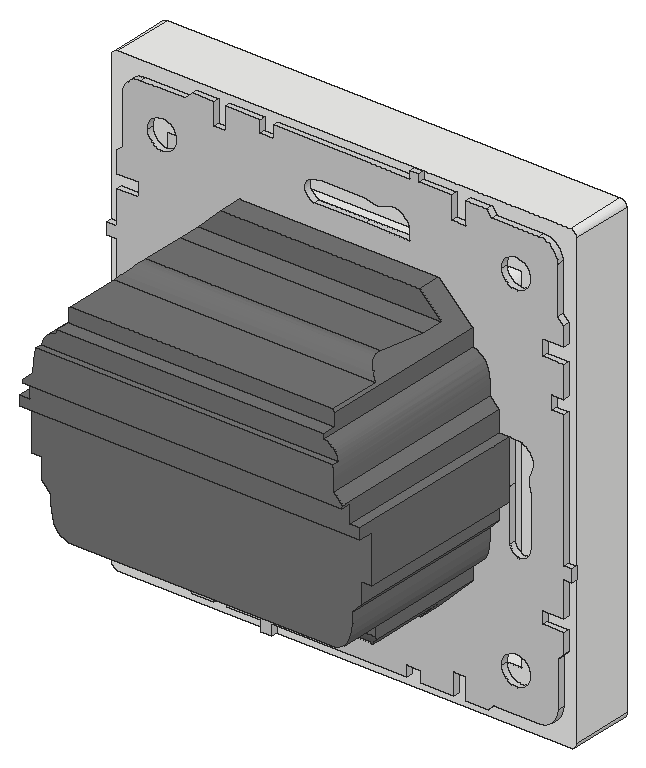
Revit family "IEK_L4_Розетка_BRITE_1мест_(РЭК)_Скрытый", category Электрические приборы, Revit 2019
Family settings
  Сохранять ориентацию аннотаций = Нет
  Размер круглого соединителя = Использовать диаметр
  Тип детали = Нормальный
  На основе рабочей плоскости = Нет
  Всегда вертикально = Да
  При загрузке вырезать с полостями = Нет
  Общий = Нет
  Точка расчета площади = Нет
Parameters
  ЭУИ (Выбор) [instance] = ⚠_IEK_Розетка_Встраиваемая_BRITE_1мест : Розетка_Зазем_ЗШ_16А_IP20_РС14-1-0-БрБ_Белый
  УГО_Смещение по оси Y [instance] = 1100 mm
  УГО_Смещение по оси X [instance] = 1000 mm
  УГО_Внешний вид [instance] = УГО розетка встраиваемая : Одногнездовая
  Рамка (Выбор) [instance] = ⚠_IEK_Рамка_Встраиваемая_BRITE_1мест : Рамка_IP20_РУ-1-БрБ_Белый
  Подрозетник (учет в спецификации) [instance] = yes
  Монтажная глубина ниши = 40 mm
  Крышка подрозетника [instance] = no
  Коробка (Выбор) [instance] = ⚠_IEK_Коробка_Встраиваемая_1мест : Коробка_распаячная_КМ41004_(d80x40)_IP20_Для твердых стен_Белый
  Изготовитель = "IEK"  # constant formula
  Видимость подрозетника [instance] = no
  Видимость в масштабе [instance] = not(Видимость УГО)  # no
  Видимость УГО [instance] = yes
  URL = "https://www.iek.ru/"
  IEK_Разработчик = "sozutovvd@iek.ru"  # constant formula
  ADSK_Ток [instance] = ADSK_Номинальная мощность / (if(ADSK_Количество фаз = 3, (sqrt(3) * ADSK_Напряжение), ADSK_Напряжение) * ADSK_Коэффициент мощности * ADSK_КПД)  # 0.2746 A
  ADSK_Размер_Ширина = 74.4 mm
  ADSK_Размер_Диаметр [instance] = 20 mm
  ADSK_Размер_Глубина = 43 mm
  ADSK_Размер_Высота = 74.4 mm
  ADSK_Пусковой ток [instance] = ADSK_Ток * ADSK_Кратность пускового тока  # 0.2746 A
  ADSK_Примечание [instance] = ""
  ADSK_Полная мощность [instance] = ADSK_Номинальная мощность / ADSK_Коэффициент мощности / ADSK_КПД  # 63.1579 VA
  ADSK_Номинальная мощность [instance] = 60 W
  ADSK_Напряжение = 230 V
  ADSK_Наименование краткое [instance] = "ЭУИ"
  ADSK_Наименование = "Неспецифицируемый"
  ADSK_Кратность пускового тока [instance] = 1
  ADSK_Коэффициент мощности [instance] = 0.95
  ADSK_Количество фаз [instance] = 1
  ADSK_Классификация нагрузок [instance] = Розетка однофазная
  ADSK_КПД [instance] = 1
  ADSK_Версия семейства = "07.11.23"  # constant formula
  ADSK_Версия Revit = "v2019"  # constant formula
  ADSK_URL страницы изделия = "https://www.iek.ru/products/catalog/izdeliya_elektroustanovochnye_udliniteli_i_silovye_razemy/elektroustanovochnye_izdeliya/elektroustanovochnye_izdeliya_skrytogo_montazha/elektroustanovochnye_izdeliya_brite/?page=2"
Reference planes
  plane 1 "По центру (Вперед/Назад)": y = 0
  plane 2: z = 0
  plane 3 "По центру (Влево/Вправо)": x = 0
  plane 4: x = 37.2
  plane 5: x = -37.2
  plane 6: z = 37.2
  plane 7: z = -37.2
  plane 8: x = 27.2
  plane 9: x = -27.2
  plane 10: z = 27.2
  plane 11: z = -27.2
  plane 12 "Дно розетки": y = -9.913
  plane 13: y = -43
  plane 14: z = 20
  plane 15: z = -20
  plane 16: y = -10.913
  plane 17: x = -1000
  plane 18: y = -1000
Lines and regions (mm)
  reference lines
    curve 1: line (0, 600, 0) -> (0, 100, 0)
    curve 2: line (250, 100, 0) -> (-250, 100, 0)
  reference lines, not visible
    curve 3: line (-263.899, 336.096, 0) -> (-263.899, -163.904, 0)
    curve 4: line (-13.899, -163.904, 0) -> (-513.899, -163.904, 0)
  symbolic lines, detail levels fine
    curve 5: line (-37.2, 0, 0) -> (-37.2, -9.913, 0)
    curve 6: line (-37.2, 0, 0) -> (37.2, 0, 0)
    curve 7: line (37.2, 0, 0) -> (37.2, -9.913, 0)
    curve 8: line (-27.2, -9.913, 0) -> (-27.2, -49.913, 0)
    curve 9: line (27.2, -49.913, 0) -> (-27.2, -49.913, 0)
    curve 10: line (27.2, -49.913, 0) -> (27.2, -9.913, 0)
    curve 11: line (-37.2, -9.913, 0) -> (37.2, -9.913, 0)
  symbolic lines
    curve 12: line (37.2, 0, 37.2) -> (-37.2, 0, 37.2)
    curve 13: line (37.2, 0, -37.2) -> (37.2, 0, 37.2)
    curve 14: line (-37.2, 0, -37.2) -> (37.2, 0, -37.2)
    curve 15: line (-37.2, 0, 37.2) -> (-37.2, 0, -37.2)
    curve 16: line (27.2, 0, 27.2) -> (-27.2, 0, 27.2)
    curve 17: line (27.2, 0, -27.2) -> (27.2, 0, 27.2)
    curve 18: line (-27.2, 0, -27.2) -> (27.2, 0, -27.2)
    curve 19: line (-27.2, 0, 27.2) -> (-27.2, 0, -27.2)
    curve 20: line (0, 0, 37.2) -> (0, 0, -37.2)
    curve 21: line (0, 0, -37.2) -> (0, -9.913, -37.2)
    curve 22: line (0, -9.913, -37.2) -> (0, -9.913, 37.2)
    curve 23: line (0, -9.913, 37.2) -> (0, 0, 37.2)
    curve 24: line (0, -9.913, -27.2) -> (0, -43, -27.2)
    curve 25: line (0, -43, -27.2) -> (0, -43, 27.2)
    curve 26: line (0, -43, 27.2) -> (0, -9.913, 27.2)
Dimensions and locks
  "ADSK_Размер_Высота": plane 6 to plane 7
  equal spacing: plane 6, level, plane 7
  equal spacing: plane 5, plane 3 "По центру (Влево/Вправо)", plane 4
  "ADSK_Размер_Ширина": plane 5 to plane 4
  plane 4 to plane 8 = 10 mm
  plane 5 to plane 9 = 10 mm
  locked: plane 6 to plane 10 at 10
  locked: plane 11 to plane 7 at 10
  locked: plane 12 "Дно розетки" to plane 1 "По центру (Вперед/Назад)" at 9.913
  locked: plane 12 "Дно розетки" to plane 16 at 1
  locked: plane 5 to plane 9 at 10
  locked: plane 8 to plane 4 at 10
  "ADSK_Размер_Глубина": plane 13 to plane 1 "По центру (Вперед/Назад)"
  "УГО_Смещение по оси Y": plane 18 to curve 2
  "УГО_Смещение по оси X": plane 17 to curve 1
  "Монтажная глубина ниши": plane 12 "Дно розетки" to curve 9
  aligned and locked: level to plane 2
  aligned and locked: plane 3 "По центру (Влево/Вправо)" to nested 1
  aligned and locked: plane 3 "По центру (Влево/Вправо)" to nested 2
  aligned and locked: plane 1 "По центру (Вперед/Назад)" to nested 2
  aligned and locked: plane 3 "По центру (Влево/Вправо)" to nested 3
  aligned and locked: nested 3 to plane 16
  aligned and locked: nested 4 to curve 2
  aligned and locked: nested 4 to curve 1
  aligned and locked: nested 5 to curve 4
  aligned and locked: nested 5 to curve 3
  aligned and locked: curve 12 to nested 1
  aligned and locked: curve 13 to nested 1
  aligned and locked: curve 14 to nested 1
  aligned and locked: curve 15 to nested 1
  aligned and locked: plane 10 to curve 16
  aligned and locked: plane 8 to curve 17
  aligned and locked: plane 11 to curve 18
  aligned and locked: plane 9 to curve 19
  aligned and locked: plane 1 "По центру (Вперед/Назад)" to curve 20
  aligned and locked: curve 23 to plane 6
  aligned and locked: curve 22 to plane 12 "Дно розетки"
  aligned and locked: curve 21 to plane 7
  aligned and locked: curve 25 to plane 13
  aligned and locked: plane 10 to curve 26
  aligned and locked: plane 12 "Дно розетки" to nested 2
  aligned and locked: curve 24 to plane 11
Automatic sketch dimensions
  curve 2 to curve 1 = 250 mm
  curve 1 to curve 2 = 250 mm
  curve 1 to curve 1 = 500 mm
  curve 4 to curve 3 = 250 mm
  curve 3 to curve 4 = 250 mm
  curve 3 to curve 3 = 500 mm
  curve 5 to plane 5 = 0 mm
  curve 9 to plane 9 = 0 mm
  curve 9 to plane 8 = 0 mm
  plane 1 "По центру (Вперед/Назад)" to curve 7 = 0 mm
  curve 7 to plane 4 = 0 mm
  curve 11 to plane 12 "Дно розетки" = 0 mm
Nested families
  nested 1: "⚠_IEK_Розетка_Встраиваемая_BRITE_1мест" at (0, 0, 0), type <- "ЭУИ (Выбор)", ADSK_Размер_Диаметр <- "ADSK_Размер_Диаметр", Символ в масштабе <- "Видимость в масштабе", type "Розетка_Зазем_ЗШ_16А_IP20_РС14-1-0-БрБ_Белый"
    with Символ в масштабе no, ADSK_Размер_Диаметр 20 mm, ADSK_Примечание ""
  nested 2: "⚠_IEK_Рамка_Встраиваемая_BRITE_1мест" at (0, 0, 0), type <- "Рамка (Выбор)", Символ в масштабе <- "Видимость в масштабе", type "Рамка_IP20_РУ-1-БрБ_Белый"
    with Символ в масштабе no, ADSK_Примечание ""
  nested 3: "⚠_IEK_Коробка_Встраиваемая_1мест" at (0, -10.913, 0), Крышка <- "Крышка подрозетника", visible <- "Подрозетник (учет в спецификации)", type <- "Коробка (Выбор)", Видимость коробки <- "Видимость подрозетника", type "Коробка_распаячная_КМ41004_(d80x40)_IP20_Для твердых стен_Белый"
    with Крышка no, Видимость коробки no, ADSK_Примечание ""
  nested 4: "УГО розетка встраиваемая" at (0, 100, 0), visible <- "Видимость УГО", type <- "УГО_Внешний вид", type "Одногнездовая", detail levels coarse+medium
  nested 5: "УГО розетка встраиваемая" at (-263.899, -163.904, 0), visible <- "Видимость УГО", type <- "УГО_Внешний вид", type "Одногнездовая", not visible, detail levels coarse+medium
Connectors
  electrical at (0, -43, 0), driven by "ADSK_Количество фаз", driven by "ADSK_Классификация нагрузок", driven by "ADSK_Напряжение", driven by "ADSK_Полная мощность", driven by "ADSK_Коэффициент мощности"
    settings: on nested 1, index 1, voltage 230 V, apparent load 63.1579 VA, apparent load phase1 0 VA, apparent load phase2 0 VA, apparent load phase3 0 VA, power factor 0.95, load classification "Розетка однофазная", number of poles 1, system type 30, power factor state 1, is connector primary yes, connector utility no, sub classification motor no, connector description ""
  cabletrayconduit at (0, -26.957, 20), diameter 20, driven by "ADSK_Размер_Диаметр"
    settings: on nested 1, index 2, connector width 300 mm, connector height 300 mm, connector angle 0.00°, system type 32, placement type 0, profile type 0, connector reference index -1, is primary connector yes, connector utility param no, connector description ""
  cabletrayconduit at (17.2, -26.957, 0), diameter 20, driven by "ADSK_Размер_Диаметр"
    settings: on nested 1, index 3, connector width 300 mm, connector height 300 mm, connector angle 0.00°, system type 32, placement type 0, profile type 0, connector reference index -1, is primary connector no, connector utility param no, connector description ""
  cabletrayconduit at (-17.2, -26.957, 0), diameter 20, driven by "ADSK_Размер_Диаметр"
    settings: on nested 1, index 4, connector width 300 mm, connector height 300 mm, connector angle 0.00°, system type 32, placement type 0, profile type 0, connector reference index -1, is primary connector no, connector utility param no, connector description ""
  cabletrayconduit at (0, -26.957, -20), diameter 20, driven by "ADSK_Размер_Диаметр"
    settings: on nested 1, index 5, connector width 300 mm, connector height 300 mm, connector angle 0.00°, system type 32, placement type 0, profile type 0, connector reference index -1, is primary connector no, connector utility param no, connector description ""
Definition of nested family "⚠_IEK_Розетка_Встраиваемая_BRITE_1мест"
  Parameters (values of type "Розетка_Зазем_ЗШ_16А_IP20_РС14-1-0-БрБ_Белый")
    Степень защиты IP = "IP20"
    Символ в масштабе [instance] = yes
    Радиус выреза под вилку = 20 mm
    Description = "Серия электроустановочных изделий \"BRITE\" IEK – это гармоничный дизайн и европейский подход, надежность в эксплуатации и привлекательная цена.\r\n\r\nВ линейке \"BRITE\" использованы материалы премиум-класса. Цветовая палитра и широкий ассортимент позволяют решить все задачи при строительстве и ремонте жилой и коммерческой недвижимости, выполнить современные интерьеры в едином стиле."
    Материал_Дополнительный = none
    Кол-во постов = 1
    Климатическое исполнение = "УХЛ3"
    Manufacturer = "IEK"  # constant formula
    Защитная шторка = yes
    URL = "https://www.iek.ru/"
    IEK_Разработчик = "sozutovvd@iek.ru"  # constant formula
    ADSK_Размер_Ширина = 74.4 mm
    ADSK_Размер_Диаметр [instance] = 20 mm
    ADSK_Размер_Высота = 74.4 mm
    ADSK_Примечание [instance] = ""
    ADSK_Обозначение = ""
    ADSK_Наименование краткое = "Розетка 1-местная с зазем с зш 16A PC14-1-0-БрБ белый"
    ADSK_Наименование = "BRITE Розетка 1-местная с заземлением с защитными шторками 16А РС14-1-0-БрБ белый IEK"
    ADSK_Материал наименование = ""
    ADSK_Материал = none
    ADSK_Масса = 0.084
    ADSK_Марка = "BRITE"
    ADSK_Количество = 1  # constant formula
    ADSK_Код изделия = "BR-R14-16-K01"
    ADSK_Завод-изготовитель = "iek.ru"  # constant formula
    ADSK_Единица измерения = "шт."  # constant formula
    ADSK_Группирование = "IEK_Электроустановочные изделия низковольтные"  # constant formula
    ADSK_Версия семейства = "11.07.23"  # constant formula
    ADSK_Версия Revit = "v2019"  # constant formula
    ADSK_URL страницы изделия = "https://www.iek.ru/products/catalog/izdeliya_elektroustanovochnye_udliniteli_i_silovye_razemy/elektroustanovochnye_izdeliya/elektroustanovochnye_izdeliya_skrytogo_montazha/elektroustanovochnye_izdeliya_brite/elektroustanovochnye_izdeliya_brite_tsvet_belyy/brite_rozetka_1_mestnaya_s_zazemleniem_s_zashchitnymi_shtorkami_16a_rs14_1_0_brb_belyy_iek"
  Types (7, lengths in mm): name | Защитная шторка | ADSK_Наименование краткое | ADSK_Наименование | ADSK_Масса | ADSK_Код изделия | ADSK_URL страницы изделия
    (no name) | yes | "Розетка 1-местная с зазем с зш 16A PC14-1-0-БрБ белый" | "BRITE Розетка 1-местная с заземлением с защитными шторками 16А РС14-1-0-БрБ белый IEK" | 0.084 | "BR-R14-16-K01" | "https://www.iek.ru/products/catalog/izdeliya_elektroustanovochnye_udliniteli_i_silovye_razemy/elektroustanovochnye_izdeliya/elektroustanovochnye_izdeliya_skrytogo_montazha/elektroustanovochnye_izdeliya_brite/elektroustanovochnye_izdeliya_brite_tsvet_belyy/brite_rozetka_1_mestnaya_s_zazemleniem_s_zashchitnymi_shtorkami_16a_rs14_1_0_brb_belyy_iek"
    Розетка_Зазем_ЗШ_16А_IP20_РС14-1-0-БрБ_Белый | yes | "Розетка 1-местная с зазем с зш 16A PC14-1-0-БрБ белый" | "BRITE Розетка 1-местная с заземлением с защитными шторками 16А РС14-1-0-БрБ белый IEK" | 0.084 | "BR-R14-16-K01" | "https://www.iek.ru/products/catalog/izdeliya_elektroustanovochnye_udliniteli_i_silovye_razemy/elektroustanovochnye_izdeliya/elektroustanovochnye_izdeliya_skrytogo_montazha/elektroustanovochnye_izdeliya_brite/elektroustanovochnye_izdeliya_brite_tsvet_belyy/brite_rozetka_1_mestnaya_s_zazemleniem_s_zashchitnymi_shtorkami_16a_rs14_1_0_brb_belyy_iek"
    Розетка_Зазем_Без-ЗШ_16А_IP20_РС11-1-0-БрБ_Белый | no | "Розетка 1-местная с зазем без зш 16А РС11-1-0-БрБ белый" | "BRITE Розетка 1-местная с заземлением без защитных шторок 16А РС11-1-0-БрБ белый IEK" | 0.083 | "BR-R11-16-K01" | "https://www.iek.ru/products/catalog/izdeliya_elektroustanovochnye_udliniteli_i_silovye_razemy/elektroustanovochnye_izdeliya/elektroustanovochnye_izdeliya_skrytogo_montazha/elektroustanovochnye_izdeliya_brite/elektroustanovochnye_izdeliya_brite_tsvet_belyy/brite_rozetka_1_mestnaya_s_zazemleniem_bez_zashchitnykh_shtorok_16a_rs11_1_0_brb_belyy_iek"
    Розетка_Зазем_ЗШ_16А_IP20_РС14-1-0-БрЧ_Черный | yes | "Розетка 1-местная с зазем с зш 16A РС14-1-0-БрЧ черный" | "BRITE Розетка 1-местная с заземлением с защитными шторками 16А РС14-1-0-БрЧ черный IEK" | 0.084 | "BR-R14-16-K02" | "https://www.iek.ru/products/catalog/izdeliya_elektroustanovochnye_udliniteli_i_silovye_razemy/elektroustanovochnye_izdeliya/elektroustanovochnye_izdeliya_skrytogo_montazha/elektroustanovochnye_izdeliya_brite/elektroustanovochnye_izdeliya_brite_tsvet_chernyy/brite_rozetka_1_mestnaya_s_zazemleniem_s_zashchitnymi_shtorkami_16a_rs14_1_0_brch_chernyy_iek"
    Розетка_Зазем_ЗШ_16А_IP20_РС14-1-0-БрКр_Бежевый | yes | "Розетка 1-местная с зазем с зш 16А РС14-1-0-БрКр бежевый" | "BRITE Розетка 1-местная с заземлением с защитными шторками 16А РС14-1-0-БрКр бежевый IEK" | 0.084 | "BR-R14-16-K10" | "https://www.iek.ru/products/catalog/izdeliya_elektroustanovochnye_udliniteli_i_silovye_razemy/elektroustanovochnye_izdeliya/elektroustanovochnye_izdeliya_skrytogo_montazha/elektroustanovochnye_izdeliya_brite/elektroustanovochnye_izdeliya_brite_tsvet_bezhevyy/brite_rozetka_1_mestnaya_s_zazemleniem_s_zashchitnymi_shtorkami_16a_rs14_1_0_brkr_bezhevyy_iek"
    Розетка_Зазем_ЗШ_16А_IP20_РС14-1-0-БрМ_Маренго | yes | "Розетка 1-местная с зазем с зш РС14-1-0-БрМ маренго" | "BRITE Розетка 1-местная с заземлением с защитными шторками 16А РС14-1-0-БрМ маренго IEK" | 0.084 | "BR-R14-16-K35" | "https://www.iek.ru/products/catalog/izdeliya_elektroustanovochnye_udliniteli_i_silovye_razemy/elektroustanovochnye_izdeliya/elektroustanovochnye_izdeliya_skrytogo_montazha/elektroustanovochnye_izdeliya_brite/elektroustanovochnye_izdeliya_brite_tsvet_marengo/brite_rozetka_1_mestnaya_s_zazemleniem_s_zashchitnymi_shtorkami_16a_rs14_1_0_brm_marengo_iek"
    Розетка_Зазем_ЗШ_16А_IP20_РС14-1-0-БрС_Сталь | yes | "Розетка 1-местная с зазем с зш РС14-1-0-БрС сталь" | "BRITE Розетка 1-местная с заземлением с защитными шторками 16А РС14-1-0-БрС сталь IEK" | 0.084 | "BR-R14-16-K46" | "https://www.iek.ru/products/catalog/izdeliya_elektroustanovochnye_udliniteli_i_silovye_razemy/elektroustanovochnye_izdeliya/elektroustanovochnye_izdeliya_skrytogo_montazha/elektroustanovochnye_izdeliya_brite/elektroustanovochnye_izdeliya_brite_tsvet_stal/brite_rozetka_1_mestnaya_s_zazemleniem_s_zashchitnymi_shtorkami_16a_rs14_1_0_brs_stal_iek"
  Reference planes
    plane 1 "По центру (Вперед/Назад)": y = 0
    plane 2: z = 0
    plane 3 "По центру (Влево/Вправо)": x = 0
    plane 4: y = 10
    plane 5: x = 37.2
    plane 6: x = -37.2
    plane 7: y = -100
    plane 8: z = 37.2
    plane 9: z = -37.2
    plane 10: x = 27.2
    plane 11: x = -27.2
    plane 12: z = 27.2
    plane 13: z = -27.2
    plane 14 "Дно внешн части": y = -9.913
    plane 15: y = -43
    plane 16: z = 20
    plane 17: z = -20
    plane 18: x = 17.2
    plane 19: x = -17.2
    plane 20: y = -10.913
    plane 21: y = -11.913
  Forms (mm)
    Extrusion 1, solid, material <- "ADSK_Материал", detail levels medium
      sketch origin (0, 0, 0) x (1, 0, 0) y (0, 0, 1)
        loop
          line (-27.2, 27.2) -> (-27.2, -27.2) -> (27.2, -27.2) -> (27.2, 27.2) -> (-27.2, 27.2)
      from 0 to 9.913
    Extrusion 2, solid, material <- "Материал_Дополнительный", detail levels coarse+medium
      sketch origin (0, 0, 0) x (0, 1, 0) y (0, 0, 1)
        loop
          line (-43, 20) -> (-43, -20) -> (-10.913, -20) -> (-10.913, 20) -> (-43, 20)
      from -17.2 to 17.2
    Extrusion 3, void, detail levels medium
      sketch origin (0, 0, 0) x (1, 0, 0) y (0, 0, 1)
        loop
          circle (0, 0) r 20
      from 0 to 9.913
    Extrusion 4, solid, material <- "Материал_Дополнительный", detail levels medium
      sketch origin (0, 0, 0) x (1, 0, 0) y (0, 0, 1)
        loop
          line (-37.2, 37.2) -> (-37.2, -37.2) -> (37.2, -37.2) -> (37.2, 37.2) -> (-37.2, 37.2)
      from 9.913 to 10.913
    Extrusion 5, solid, material <- "ADSK_Материал", detail levels coarse
      sketch origin (0, 0, 0) x (1, 0, 0) y (0, 0, 1)
        loop
          line (-27.2, 27.2) -> (-27.2, -27.2) -> (27.2, -27.2) -> (27.2, 27.2) -> (-27.2, 27.2)
      from 0 to 9.913
    Extrusion 6, void
      sketch origin (0, 0, 0) x (1, 0, 0) y (0, 0, 1)
        loop
          circle (-9.453, 0) r 3.022
        loop
          circle (9.453, 0) r 3.022
      from 9.913 to 14.843
    Extrusion 7, solid, material <- "Материал_Дополнительный", detail levels fine
      sketch origin (0, 0, 0) x (1, 0, 0) y (0, 0, 1)
        loop
          line (-37.2, 37.2) -> (-37.2, -37.2) -> (37.2, -37.2) -> (37.2, 37.2) -> (-37.2, 37.2)
      from 9.913 to 10.913
    Extrusion 8, void
      sketch origin (0, 0, 0) x (1, 0, 0) y (0, 0, 1)
        loop
          line (-31.683, 35.006) -> (-24.557, 35.006) -> (-23.495, 36.067) -> (-20.008, 36.067) -> (-20.008, 32.58) -> (-18.239, 32.58) -> (-18.239, 36.067) -> (-12.788, 36.067) -> (-12.788, 34.099) -> (-10.537, 34.099) -> (-10.537, 36.067) -> (11.258, 36.067) -> (11.258, 37.2) -> (-37.2, 37.2) -> (-37.2, 12.83) -> (-35.521, 12.83) -> (-35.521, 18.147) -> (-32.118, 18.147) -> (-32.118, 20.341) -> (-35.521, 20.341) -> (-35.521, 23.664) -> (-34.683, 24.501) -> (-34.683, 32.006)
          arc (-34.683, 32.006) -> (-33.804, 34.127) -> (-31.683, 35.006) r 3
        loop
          line (12.691, 37.2) -> (12.691, 36.067) -> (17.943, 36.067) -> (17.943, 32.497) -> (20.28, 32.497) -> (20.28, 36.067) -> (23.597, 36.067) -> (24.333, 35.015) -> (31.946, 35.015)
          arc (31.946, 35.015) -> (34.04, 34.148) -> (34.908, 32.054) r 2.961
          line (34.908, 32.054) -> (34.908, 24.612) -> (35.896, 23.623) -> (35.896, 20.525) -> (32.49, 20.525) -> (32.49, 18.064) -> (35.896, 18.064) -> (35.896, 13.064) -> (33.941, 13.064) -> (33.941, 10.856) -> (35.896, 10.856) -> (35.896, -10.811) -> (37.2, -10.811) -> (37.2, 37.2) -> (12.691, 37.2)
        loop
          line (37.2, -12.789) -> (35.896, -12.789) -> (35.896, -18.357) -> (32.494, -18.357) -> (32.494, -20.356) -> (35.896, -20.356) -> (35.896, -23.561) -> (35.021, -24.436) -> (35.021, -31.761)
          arc (35.021, -31.761) -> (34.149, -33.866) -> (32.043, -34.738) r 2.978
          line (32.043, -34.738) -> (24.719, -34.738) -> (23.897, -35.56) -> (20.286, -35.56) -> (20.286, -32.109) -> (18.326, -32.109) -> (18.326, -35.56) -> (13.05, -35.56) -> (13.05, -33.809) -> (10.788, -33.809) -> (10.788, -35.56) -> (-10.804, -35.56) -> (-10.804, -37.2) -> (37.2, -37.2) -> (37.2, -12.789)
        loop
          line (-12.509, -37.2) -> (-12.509, -35.56) -> (-18, -35.56) -> (-18, -32.358) -> (-20.08, -32.358) -> (-20.08, -35.56) -> (-23.414, -35.56) -> (-24.331, -34.643) -> (-31.577, -34.643)
          arc (-31.577, -34.643) -> (-33.721, -33.754) -> (-34.61, -31.61) r 3.033
          line (-34.61, -31.61) -> (-34.61, -24.364) -> (-35.521, -23.453) -> (-35.521, -20.298) -> (-32.26, -20.298) -> (-32.26, -18.034) -> (-35.521, -18.034) -> (-35.521, -12.648) -> (-33.83, -12.648) -> (-33.83, -10.583) -> (-35.521, -10.583) -> (-35.521, 10.936) -> (-37.2, 10.936) -> (-37.2, -37.2) -> (-12.509, -37.2)
      from 9.913 to 10.913
    Extrusion 9, solid, material <- "ADSK_Материал", detail levels fine
      sketch origin (0, 0, 0) x (1, 0, 0) y (0, 0, 1)
        loop
          arc (-25.172, 27.2) -> (-26.606, 26.606) -> (-27.2, 25.172) r 2.028
          line (-27.2, 25.172) -> (-27.2, -25.224)
          arc (-27.2, -25.224) -> (-26.621, -26.621) -> (-25.224, -27.2) r 1.976
          line (-25.224, -27.2) -> (25.215, -27.2)
          arc (25.215, -27.2) -> (26.619, -26.619) -> (27.2, -25.215) r 1.985
          line (27.2, -25.215) -> (27.2, 25.208)
          arc (27.2, 25.208) -> (26.616, 26.616) -> (25.208, 27.2) r 1.992
          line (25.208, 27.2) -> (-25.172, 27.2)
      from 0 to 9.913
    Extrusion 10, solid, material <- "ADSK_Материал", detail levels fine
      sketch origin (0, 0, 0) x (1, 0, 0) y (0, 0, 1)
        loop
          circle (0, 0) r 21.291
        loop
          circle (0, 0) r 20
      from -0.781 to 0
    Extrusion 11, void
      sketch origin (0, 0, 0) x (1, 0, 0) y (0, 0, 1)
        loop
          circle (0, 0) r 20
      from 0 to 9.913
    Extrusion 12, void
      sketch origin (0, 0, 0) x (1, 0, 0) y (0, 0, 1)
        loop
          line (-27.2, 10.827) -> (-29.11, 10.827)
          spline (-29.11, 10.827) -> (-29.893, 10.304) -> (-30.438, 9.801) -> (-30.792, 9.316) -> (-31.001, 8.846) -> (-31.096, 8.385) -> (-31.089, 7.929) -> (-30.99, 7.472) -> (-30.809, 7.006) -> (-30.596, 6.49) -> (-30.455, 5.839) -> (-30.494, 4.961) -> (-30.818, 3.766)
          line (-30.818, 3.766) -> (-30.818, -3.421)
          spline (-30.818, -3.421) -> (-30.704, -4.212) -> (-30.522, -4.822) -> (-30.283, -5.273) -> (-29.996, -5.591) -> (-29.671, -5.799) -> (-29.316, -5.92) -> (-28.942, -5.976) -> (-28.56, -5.952) -> (-28.182, -5.821) -> (-27.822, -5.555) -> (-27.49, -5.124) -> (-27.2, -4.501)
          line (-27.2, -4.501) -> (-27.2, 3.766) -> (-27.2, 10.827)
        loop
          line (27.2, 4.619) -> (27.2, -2.442) -> (27.2, -10.709)
          spline (27.2, -10.709) -> (27.49, -11.332) -> (27.822, -11.763) -> (28.182, -12.029) -> (28.56, -12.16) -> (28.942, -12.184) -> (29.316, -12.128) -> (29.671, -12.007) -> (29.996, -11.799) -> (30.283, -11.482) -> (30.522, -11.03) -> (30.704, -10.42) -> (30.818, -9.629)
          line (30.818, -9.629) -> (30.818, -2.442)
          spline (30.818, -2.442) -> (30.494, -1.247) -> (30.455, -0.369) -> (30.596, 0.282) -> (30.809, 0.798) -> (30.99, 1.264) -> (31.089, 1.721) -> (31.096, 2.177) -> (31.001, 2.638) -> (30.792, 3.108) -> (30.438, 3.593) -> (29.893, 4.095) -> (29.11, 4.619)
          line (29.11, 4.619) -> (27.2, 4.619)
        loop
          line (11.286, 27.2) -> (11.286, 29.11)
          spline (11.286, 29.11) -> (10.762, 29.893) -> (10.26, 30.438) -> (9.775, 30.792) -> (9.305, 31.001) -> (8.844, 31.096) -> (8.388, 31.089) -> (7.931, 30.99) -> (7.464, 30.809) -> (6.949, 30.596) -> (6.297, 30.455) -> (5.419, 30.494) -> (4.225, 30.818)
          line (4.225, 30.818) -> (-2.962, 30.818)
          spline (-2.962, 30.818) -> (-3.753, 30.704) -> (-4.363, 30.522) -> (-4.815, 30.283) -> (-5.132, 29.996) -> (-5.34, 29.671) -> (-5.462, 29.316) -> (-5.517, 28.942) -> (-5.493, 28.56) -> (-5.362, 28.182) -> (-5.096, 27.822) -> (-4.665, 27.49) -> (-4.042, 27.2)
          line (-4.042, 27.2) -> (4.225, 27.2) -> (11.286, 27.2)
        loop
          line (6.227, -27.2) -> (-0.834, -27.2) -> (-9.102, -27.2)
          spline (-9.102, -27.2) -> (-9.724, -27.49) -> (-10.155, -27.822) -> (-10.422, -28.182) -> (-10.553, -28.56) -> (-10.576, -28.942) -> (-10.521, -29.316) -> (-10.399, -29.671) -> (-10.192, -29.996) -> (-9.874, -30.283) -> (-9.422, -30.522) -> (-8.813, -30.704) -> (-8.021, -30.818)
          line (-8.021, -30.818) -> (-0.834, -30.818)
          spline (-0.834, -30.818) -> (0.36, -30.494) -> (1.238, -30.455) -> (1.89, -30.596) -> (2.405, -30.809) -> (2.871, -30.99) -> (3.329, -31.089) -> (3.785, -31.096) -> (4.245, -31.001) -> (4.716, -30.792) -> (5.2, -30.438) -> (5.703, -29.893) -> (6.227, -29.11)
          line (6.227, -29.11) -> (6.227, -27.2)
      from 9.913 to 10.913
    Extrusion 13, void, detail levels fine
      sketch origin (0, 0, 0) x (1, 0, 0) y (0, 0, 1)
        loop
          circle (0, 0) r 3.372
      from 8.858 to 10.281
    Extrusion 14, void, detail levels fine
      sketch origin (0, 0, 0) x (1, 0, 0) y (0, 0, 1)
        loop
          circle (-9.516, 0) r 3.033
        loop
          circle (9.516, 0) r 3.033
      from 8.858 to 14.843
    Extrusion 15, solid, detail levels fine
      sketch origin (0, 0, 0) x (1, 0, 0) y (0, 0, 1)
        loop
          line (14.941, 24.492) -> (-14.941, 24.492) -> (-21.312, 18.121) -> (-21.312, 15.449)
          spline (-21.312, 15.449) -> (-21.829, 15.285) -> (-22.283, 15.082) -> (-22.677, 14.834) -> (-23.014, 14.533) -> (-23.299, 14.174) -> (-23.534, 13.749) -> (-23.723, 13.252) -> (-23.869, 12.675) -> (-23.977, 12.012) -> (-24.05, 11.256) -> (-24.091, 10.4) -> (-24.104, 9.437)
          line (-24.104, 9.437) -> (-25.554, 7.987) -> (-25.554, 4.705) -> (-27.2, 4.705) -> (-27.2, -4.705) -> (-25.554, -4.705) -> (-25.554, -7.987) -> (-24.104, -9.437)
          spline (-24.104, -9.437) -> (-24.091, -10.4) -> (-24.05, -11.256) -> (-23.977, -12.012) -> (-23.869, -12.675) -> (-23.723, -13.252) -> (-23.534, -13.749) -> (-23.299, -14.174) -> (-23.014, -14.533) -> (-22.677, -14.834) -> (-22.283, -15.082) -> (-21.829, -15.285) -> (-21.312, -15.449)
          line (-21.312, -15.449) -> (-21.312, -18.121) -> (-14.941, -24.492) -> (14.941, -24.492) -> (21.312, -18.121) -> (21.312, -15.449)
          spline (21.312, -15.449) -> (21.829, -15.285) -> (22.283, -15.082) -> (22.677, -14.834) -> (23.014, -14.533) -> (23.299, -14.174) -> (23.534, -13.749) -> (23.723, -13.252) -> (23.869, -12.675) -> (23.977, -12.012) -> (24.05, -11.256) -> (24.091, -10.4) -> (24.104, -9.437)
          line (24.104, -9.437) -> (25.554, -7.987) -> (25.554, -4.705) -> (27.2, -4.705) -> (27.2, 4.705) -> (25.554, 4.705) -> (25.554, 7.987) -> (24.104, 9.437)
          spline (24.104, 9.437) -> (24.091, 10.4) -> (24.05, 11.256) -> (23.977, 12.012) -> (23.869, 12.675) -> (23.723, 13.252) -> (23.534, 13.749) -> (23.299, 14.174) -> (23.014, 14.533) -> (22.677, 14.834) -> (22.283, 15.082) -> (21.829, 15.285) -> (21.312, 15.449)
          line (21.312, 15.449) -> (21.312, 18.121) -> (14.941, 24.492)
      from 10.913 to 43
    Extrusion 16, void
      sketch origin (0, 0, 0) x (1, 0, 0) y (0, 1, 0)
        loop
          line (-1.797, -9.913) -> (1.797, -9.913) -> (1.236, -1.899) -> (-1.236, -1.899) -> (-1.797, -9.913)
      from -21.36 to -19.529
    Extrusion 17, void, detail levels fine
      sketch origin (0, 0, 0) x (0, -1, 0) y (1, 0, 0)
        loop
          line (9.913, -1.797) -> (9.913, 1.797) -> (1.899, 1.236) -> (1.899, -1.236) -> (9.913, -1.797)
      from -21.36 to -19.529
    Extrusion 18, void, detail levels fine
      sketch origin (0, 0, 0) x (1, 0, 0) y (0, 1, 0)
        loop
          line (-1.797, -9.913) -> (1.797, -9.913) -> (1.236, -1.899) -> (-1.236, -1.899) -> (-1.797, -9.913)
      from 19.628 to 21.709
    Extrusion 19, void
      sketch origin (0, 0, 0) x (0, 1, 0) y (0, 0, 1)
        loop
          line (-43, 24.501) -> (-43, -24.492) -> (-10.913, -24.492) -> (-10.913, -23.523) -> (-14.456, -23.523) -> (-14.456, -20) -> (-17.872, -19.398) -> (-26.611, -20.626)
          spline (-26.611, -20.626) -> (-27.058, -20.53) -> (-27.48, -20.404) -> (-27.878, -20.248) -> (-28.251, -20.061) -> (-28.599, -19.845) -> (-28.923, -19.599) -> (-29.222, -19.322) -> (-29.497, -19.015) -> (-29.747, -18.679) -> (-29.972, -18.312) -> (-30.173, -17.915) -> (-30.35, -17.488)
          line (-30.35, -17.488) -> (-30.35, -15.449) -> (-38.406, -15.449) -> (-38.406, 3.025) -> (-40.763, 3.025) -> (-40.763, 7.564) -> (-42.286, 7.564) -> (-41.904, 13.034) -> (-40.763, 13.034) -> (-40.763, 16.043) -> (-38.406, 16.043) -> (-38.406, 18.503) -> (-29.724, 18.503)
          spline (-29.724, 18.503) -> (-29.498, 18.914) -> (-29.258, 19.283) -> (-29.004, 19.611) -> (-28.736, 19.897) -> (-28.454, 20.141) -> (-28.158, 20.344) -> (-27.848, 20.505) -> (-27.524, 20.625) -> (-27.186, 20.702) -> (-26.834, 20.738) -> (-26.468, 20.732) -> (-26.088, 20.685)
          line (-26.088, 20.685) -> (-18.258, 20) -> (-14.708, 20) -> (-14.708, 23.571) -> (-10.913, 23.571) -> (-10.913, 24.501) -> (-43, 24.501)
      from -27.2 to 27.2
    Extrusion 20, solid, detail levels fine
      sketch origin (0, 0, 0) x (0, 1, 0) y (0, 0, 1)
        loop
          line (-9.913, -21.36) -> (-3.822, -18.122)
          arc (-3.822, -18.122) -> (-3.438, -18.085) -> (-3.139, -18.331) r 0.505
          line (-3.139, -18.331) -> (-2.745, -19.073) -> (-2.038, -18.697) -> (-2.577, -17.684)
          arc (-2.577, -17.684) -> (-2.932, -17.391) -> (-3.389, -17.435) r 0.6
          line (-3.389, -17.435) -> (-9.913, -20.904) -> (-10.913, -20.904) -> (-9.913, -21.36)
      from -0.993 to 0.962
    Extrusion 21, solid, detail levels fine
      sketch origin (0, 0, 0) x (0, 1, 0) y (0, 0, 1)
        loop
          line (-9.913, 21.36) -> (-10.913, 20.904) -> (-9.913, 20.904) -> (-3.389, 17.435)
          arc (-3.389, 17.435) -> (-2.932, 17.391) -> (-2.577, 17.684) r 0.6
          line (-2.577, 17.684) -> (-2.038, 18.697) -> (-2.745, 19.073) -> (-3.139, 18.331)
          arc (-3.139, 18.331) -> (-3.438, 18.085) -> (-3.822, 18.122) r 0.505
          line (-3.822, 18.122) -> (-9.913, 21.36)
      from -0.993 to 0.962
    Extrusion 22, solid, material <- "ADSK_Материал", detail levels fine
      sketch origin (0, 0, 0) x (1, 0, 0) y (0, 0, 1)
        loop
          line (17.2, 10.206) -> (17.2, 2.772) -> (19.807, 2.772)
          arc (19.807, 2.772) -> (18.873, 6.618) -> (17.2, 10.206) r 20
        loop
          arc (-17.2, 10.206) -> (-18.873, 6.618) -> (-19.807, 2.772) r 20
          line (-19.807, 2.772) -> (-17.2, 2.772) -> (-17.2, 10.206)
        loop
          line (-17.2, -10.206) -> (-17.2, -2.772) -> (-19.807, -2.772)
          arc (-19.807, -2.772) -> (-18.873, -6.618) -> (-17.2, -10.206) r 20
        loop
          arc (17.2, -10.206) -> (18.873, -6.618) -> (19.807, -2.772) r 20
          line (19.807, -2.772) -> (17.2, -2.772) -> (17.2, -10.206)
      from 1.899 to 9.913
    Extrusion 23, void, detail levels fine
      sketch origin (0, 0, 0) x (1, 0, 0) y (0, 0, 1)
        loop
          circle (28.302, 28.434) r 2.369
        loop
          circle (-28.302, 28.434) r 2.369
        loop
          circle (28.302, -28.434) r 2.369
        loop
          circle (-28.302, -28.434) r 2.369
      from 9.913 to 10.913
    Extrusion 24, solid, detail levels fine
      sketch origin (0, 0, 0) x (1, 0, 0) y (0, 0, 1)
        loop
          circle (0, 0) r 3.117
      from 8.858 to 9.913
    Extrusion 25, solid, material <- "ADSK_Материал", visible <- "Защитная шторка", detail levels fine
      sketch origin (0, 0, 0) x (1, 0, 0) y (0, 0, 1)
        loop
          circle (-9.516, 0) r 3.033
        loop
          circle (9.516, 0) r 3.033
      from 9.137 to 9.913
    Extrusion 26, solid, material <- "ADSK_Материал", detail levels medium+fine
      sketch origin (0, 0, 0) x (1, 0, 0) y (0, 0, 1)
        loop
          arc (-19.807, 2.772) -> (-20, 0) -> (-19.807, -2.772) r 20
          line (-19.807, -2.772) -> (-17.2, -2.772) -> (-17.2, -10.206)
          arc (-17.2, -10.206) -> (0, -20) -> (17.2, -10.206) r 20
          line (17.2, -10.206) -> (17.2, -2.772) -> (19.807, -2.772)
          arc (19.807, -2.772) -> (20, 0) -> (19.807, 2.772) r 20
          line (19.807, 2.772) -> (17.2, 2.772) -> (17.2, 10.206)
          arc (17.2, 10.206) -> (0, 20) -> (-17.2, 10.206) r 20
          line (-17.2, 10.206) -> (-17.2, 2.772) -> (-19.807, 2.772)
      from 8.858 to 9.913
    Extrusion 27, void
      sketch origin (0, -9.913, 0) x (0, 0, 1) y (1, 0, 0)
        loop
          line (18.503, 1.797) -> (18.503, -1.797) -> (20.202, -1.797) -> (20.202, 1.797) -> (18.503, 1.797)
      from 0 to 1.055
    Extrusion 28, void, detail levels fine
      sketch origin (0, -9.913, 0) x (0, 0, -1) y (-1, 0, 0)
        loop
          line (18.503, -1.886) -> (20.202, -1.886) -> (20.202, 1.885) -> (18.503, 1.885) -> (18.503, -1.886)
      from 0 to 1.055
  Cuts and joins
    Extrusion 3, Extrusion 17, Extrusion 18 cuts Extrusion 1
    Extrusion 6, Extrusion 17, Extrusion 18, Extrusion 28 cuts Extrusion 4
    Extrusion 6 cuts Extrusion 2
    Extrusion 8, Extrusion 12, Extrusion 13, Extrusion 14, Extrusion 17, Extrusion 18, Extrusion 23, Extrusion 28 cuts Extrusion 7
    Extrusion 11, Extrusion 16, Extrusion 17, Extrusion 18 cuts Extrusion 9
    Extrusion 17, Extrusion 18 cuts Extrusion 10
    joined: Extrusion 9, Extrusion 10, Extrusion 22
    Extrusion 14, Extrusion 19 cuts Extrusion 15
    Extrusion 17, Extrusion 18, Extrusion 28 cuts Extrusion 5
    Extrusion 13, Extrusion 14, Extrusion 27, Extrusion 28 cuts Extrusion 26
  Lines and regions (mm)
    symbolic lines, visible <- "Символ в масштабе", detail levels coarse+medium
      curve 1: line (-27.2, 0, 0) -> (27.2, 0, 0)
      curve 4: line (-27.2, -9.913, 0) -> (-37.2, -9.913, 0)
      curve 7: line (-27.2, -9.913, 0) -> (-27.2, -49.913, 0)
      curve 8: line (-27.2, -49.913, 0) -> (27.2, -49.913, 0)
      curve 9: line (27.2, -49.913, 0) -> (27.2, -9.913, 0)
      curve 12: line (37.2, -9.913, 0) -> (27.2, -9.913, 0)
      curve 13: line (-27.2, -9.913, 0) -> (27.2, -9.913, 0)
    symbolic lines, visible <- "Символ в масштабе"
      curve 2: line (-27.2, -9.913, 0) -> (-27.2, 0, 0)
      curve 3: line (27.2, 0, 0) -> (27.2, -9.913, 0)
      curve 5: line (-37.2, -9.913, 0) -> (-37.2, -10.913, 0)
      curve 6: line (-37.2, -10.913, 0) -> (-27.2, -10.913, 0)
      curve 10: line (27.2, -10.913, 0) -> (37.2, -10.913, 0)
      curve 11: line (37.2, -10.913, 0) -> (37.2, -9.913, 0)
      curve 14: line (-27.2, -10.913, 0) -> (27.2, -10.913, 0)
  Dimensions and locks
    plane 1 "По центру (Вперед/Назад)" to plane 4 = 10 mm
    plane 7 to plane 1 "По центру (Вперед/Назад)" = 100 mm
    "ADSK_Размер_Высота": plane 8 to plane 9
    equal spacing: plane 8, level, plane 9
    equal spacing: plane 6, plane 3 "По центру (Влево/Вправо)", plane 5
    "ADSK_Размер_Ширина": plane 6 to plane 5
    plane 5 to plane 10 = 10 mm
    plane 6 to plane 11 = 10 mm
    plane 8 to plane 12 = 10 mm
    plane 13 to plane 9 = 10 mm
    plane 14 "Дно внешн части" to plane 1 "По центру (Вперед/Назад)" = 9.913 mm
    plane 15 to plane 1 "По центру (Вперед/Назад)" = 43 mm
    plane 11 to plane 19 = 10 mm
    plane 18 to plane 10 = 10 mm
    plane 14 "Дно внешн части" to plane 20 = 1 mm
    locked: plane 20 to plane 21 at 1
    locked: curve 8 to plane 14 "Дно внешн части" at 40
    "Радиус выреза под вилку": radius of Extrusion 3 sketch curve
    "Радиус выреза под вилку": radius of Extrusion 11 sketch curve
    aligned and locked: level to plane 2
    aligned and locked: Extrusion 1 sketch curve to plane 12
    aligned and locked: Extrusion 1 sketch curve to plane 11
    aligned and locked: Extrusion 1 sketch curve to plane 13
    aligned and locked: Extrusion 1 sketch curve to plane 10
    aligned and locked: Extrusion 1 to plane 14 "Дно внешн части"
    aligned and locked: plane 16 to Extrusion 2 sketch curve
    aligned and locked: plane 15 to Extrusion 2 sketch curve
    aligned and locked: plane 17 to Extrusion 2 sketch curve
    aligned and locked: Extrusion 1 to Extrusion 3
    aligned and locked: Extrusion 3 to plane 1 "По центру (Вперед/Назад)"
    aligned and locked: plane 8 to Extrusion 4 sketch curve
    aligned and locked: Extrusion 4 sketch curve to plane 6
    aligned and locked: plane 9 to Extrusion 4 sketch curve
    aligned and locked: Extrusion 4 sketch curve to plane 5
    aligned and locked: plane 14 "Дно внешн части" to Extrusion 4
    aligned and locked: Extrusion 4 to plane 20
    aligned and locked: plane 20 to Extrusion 2
    aligned and locked: Extrusion 5 sketch curve to cut or joined group of Extrusion 1, Extrusion 3, Extrusion 17, Extrusion 18  (x4)
    aligned and locked: Extrusion 5 to plane 1 "По центру (Вперед/Назад)"
    aligned and locked: Extrusion 5 to plane 14 "Дно внешн части"
    aligned and locked: plane 14 "Дно внешн части" to Extrusion 6
    aligned and locked: Extrusion 7 sketch curve to cut or joined group of Extrusion 4, Extrusion 6, Extrusion 17, Extrusion 18, Extrusion 28  (x4)
    aligned and locked: Extrusion 9 sketch curve to plane 12
    aligned and locked: Extrusion 9 sketch curve to plane 11
    aligned and locked: Extrusion 9 sketch curve to plane 13
    aligned and locked: Extrusion 9 sketch curve to plane 10
    aligned and locked: Extrusion 9 to plane 1 "По центру (Вперед/Назад)"
    aligned and locked: Extrusion 9 to plane 14 "Дно внешн части"
    aligned and locked: plane 1 "По центру (Вперед/Назад)" to Extrusion 10
    aligned and locked: Extrusion 11 to plane 1 "По центру (Вперед/Назад)"
    aligned and locked: Extrusion 11 to plane 14 "Дно внешн части"
    aligned and locked: Extrusion 12 sketch curve to plane 11
    aligned and locked: Extrusion 12 sketch curve to plane 12
    aligned and locked: plane 10 to Extrusion 12 sketch curve
    aligned and locked: plane 13 to Extrusion 12 sketch curve
    aligned and locked: plane 14 "Дно внешн части" to Extrusion 12
    aligned and locked: Extrusion 12 to plane 20
    aligned and locked: Extrusion 15 to plane 15
    aligned and locked: Extrusion 16 sketch curve to plane 14 "Дно внешн части"
    aligned and locked: Extrusion 19 sketch curve to plane 15
    aligned and locked: plane 11 to Extrusion 19
    aligned and locked: plane 10 to Extrusion 19
    aligned and locked: plane 14 "Дно внешн части" to Extrusion 23
    aligned and locked: Extrusion 23 to plane 20
    aligned and locked: curve 1 to cut or joined group of Extrusion 1, Extrusion 3, Extrusion 17, Extrusion 18
    aligned and locked: curve 2 to cut or joined group of Extrusion 1, Extrusion 3, Extrusion 17, Extrusion 18
    aligned and locked: curve 3 to cut or joined group of Extrusion 1, Extrusion 3, Extrusion 17, Extrusion 18
    aligned and locked: Extrusion 7 to Extrusion 8
  Automatic sketch dimensions
    Extrusion 2 sketch curve to plane 20 = 0 mm
    Extrusion 6 sketch curve to level = 0 mm  (x2)
    Extrusion 6 sketch curve to plane 19 = 7.747 mm
    Extrusion 6 sketch curve to plane 18 = 7.747 mm
    plane 6 to Extrusion 8 sketch curve = 0 mm  (x2)
    Extrusion 8 sketch curve to plane 9 = 0 mm  (x2)
    Extrusion 8 sketch curve to plane 8 = 0 mm  (x2)
    Extrusion 8 sketch curve to plane 5 = 0 mm  (x2)
    Extrusion 8 sketch curve to plane 6 = 1.679 mm  (x5)
    Extrusion 8 sketch curve to plane 6 = 2.517 mm
    Extrusion 8 sketch curve to Extrusion 8 sketch curve = 0.911 mm  (x2)
    Extrusion 8 sketch curve to Extrusion 8 sketch curve = 1.691 mm
    Extrusion 8 sketch curve to Extrusion 8 sketch curve = 3.261 mm
    Extrusion 8 sketch curve to Extrusion 8 sketch curve = 3.403 mm
    Extrusion 8 sketch curve to Extrusion 8 sketch curve = 3 mm
    Extrusion 8 sketch curve to Extrusion 8 sketch curve = 3.033 mm
    Extrusion 8 sketch curve to plane 11 = 2.643 mm
    Extrusion 8 sketch curve to plane 11 = 2.869 mm
    plane 8 to Extrusion 8 sketch curve = 1.133 mm  (x5)
    Extrusion 8 sketch curve to Extrusion 8 sketch curve = 1.061 mm
    plane 9 to Extrusion 8 sketch curve = 1.64 mm  (x5)
    Extrusion 8 sketch curve to Extrusion 8 sketch curve = 0.917 mm  (x2)
    plane 19 to Extrusion 8 sketch curve = 2.88 mm
    plane 19 to Extrusion 8 sketch curve = 2.808 mm
    plane 19 to Extrusion 8 sketch curve = 1.039 mm
    plane 19 to Extrusion 8 sketch curve = 0.8 mm
    Extrusion 8 sketch curve to plane 19 = 4.412 mm
    Extrusion 8 sketch curve to plane 19 = 4.691 mm
    Extrusion 8 sketch curve to Extrusion 8 sketch curve = 1.705 mm
    Extrusion 8 sketch curve to Extrusion 8 sketch curve = 2.251 mm
    Extrusion 8 sketch curve to plane 18 = 6.412 mm
    Extrusion 8 sketch curve to plane 18 = 5.942 mm
    Extrusion 8 sketch curve to Extrusion 8 sketch curve = 1.433 mm
    Extrusion 8 sketch curve to Extrusion 8 sketch curve = 2.262 mm
    plane 18 to Extrusion 8 sketch curve = 0.743 mm
    plane 18 to Extrusion 8 sketch curve = 1.126 mm
    Extrusion 8 sketch curve to Extrusion 8 sketch curve = 2.337 mm
    Extrusion 8 sketch curve to Extrusion 8 sketch curve = 1.96 mm
    Extrusion 8 sketch curve to Extrusion 8 sketch curve = 3.317 mm
    Extrusion 8 sketch curve to plane 10 = 3.303 mm
    Extrusion 8 sketch curve to Extrusion 8 sketch curve = 0.736 mm
    Extrusion 8 sketch curve to Extrusion 8 sketch curve = 0.822 mm  (x2)
    plane 10 to Extrusion 8 sketch curve = 4.746 mm
    plane 10 to Extrusion 8 sketch curve = 4.843 mm
    plane 16 to Extrusion 8 sketch curve = 1.936 mm
    Extrusion 8 sketch curve to plane 5 = 4.71 mm
    plane 17 to Extrusion 8 sketch curve = 1.643 mm
    Extrusion 8 sketch curve to plane 5 = 4.706 mm
    Extrusion 8 sketch curve to plane 5 = 3.259 mm
    Extrusion 8 sketch curve to plane 5 = 2.292 mm
    Extrusion 8 sketch curve to plane 5 = 2.179 mm
    Extrusion 8 sketch curve to Extrusion 8 sketch curve = 1.304 mm  (x2)
    Extrusion 8 sketch curve to plane 5 = 1.304 mm  (x3)
    Extrusion 8 sketch curve to plane 17 = 0.356 mm
    Extrusion 8 sketch curve to Extrusion 8 sketch curve = 1.751 mm
    Extrusion 8 sketch curve to Extrusion 8 sketch curve = 3.202 mm
    Extrusion 8 sketch curve to Extrusion 8 sketch curve = 3.451 mm
    Extrusion 8 sketch curve to plane 13 = 2.764 mm
    Extrusion 8 sketch curve to plane 13 = 2.836 mm
    Extrusion 8 sketch curve to Extrusion 8 sketch curve = 0.875 mm
    Extrusion 8 sketch curve to plane 17 = 0.298 mm
    plane 17 to Extrusion 8 sketch curve = 1.966 mm
    Extrusion 8 sketch curve to Extrusion 8 sketch curve = 5.568 mm
    Extrusion 8 sketch curve to Extrusion 8 sketch curve = 5.386 mm
    Extrusion 8 sketch curve to Extrusion 8 sketch curve = 1.978 mm
    Extrusion 8 sketch curve to Extrusion 8 sketch curve = 2.065 mm
    Extrusion 8 sketch curve to Extrusion 8 sketch curve = 7.208 mm
    plane 16 to Extrusion 8 sketch curve = 9.064 mm
    Extrusion 8 sketch curve to Extrusion 8 sketch curve = 1.894 mm
    Extrusion 8 sketch curve to Extrusion 8 sketch curve = 2.208 mm
    plane 16 to Extrusion 8 sketch curve = 1.853 mm
    Extrusion 8 sketch curve to plane 16 = 0.341 mm
    Extrusion 8 sketch curve to plane 16 = 0.525 mm
    Extrusion 8 sketch curve to Extrusion 8 sketch curve = 3.098 mm
    Extrusion 8 sketch curve to Extrusion 8 sketch curve = 3.323 mm
    Extrusion 8 sketch curve to Extrusion 8 sketch curve = 0.837 mm
    Extrusion 8 sketch curve to Extrusion 8 sketch curve = 0.989 mm
    plane 12 to Extrusion 8 sketch curve = 4.806 mm
    plane 12 to Extrusion 8 sketch curve = 4.854 mm
    Extrusion 8 sketch curve to Extrusion 8 sketch curve = 3.57 mm
    Extrusion 8 sketch curve to Extrusion 8 sketch curve = 3.487 mm
    Extrusion 8 sketch curve to Extrusion 8 sketch curve = 1.968 mm
    Extrusion 9 sketch curve to plane 11 = 1.976 mm
    Extrusion 9 sketch curve to plane 11 = 2.028 mm
    Extrusion 9 sketch curve to Extrusion 9 sketch curve = 1.992 mm
    Extrusion 9 sketch curve to plane 10 = 1.985 mm
    Extrusion 10 sketch curve to Extrusion 10 sketch curve = 0 mm  (x2)
    Extrusion 10 sketch curve to level = 0 mm
    Extrusion 10 sketch curve to plane 3 "По центру (Влево/Вправо)" = 0 mm
    plane 11 to Extrusion 12 sketch curve = 1.91 mm
    plane 11 to Extrusion 12 sketch curve = 3.618 mm
    Extrusion 12 sketch curve to plane 19 = 8.098 mm
    Extrusion 12 sketch curve to Extrusion 12 sketch curve = 1.081 mm  (x2)
    Extrusion 12 sketch curve to plane 3 "По центру (Влево/Вправо)" = 4.042 mm
    Extrusion 12 sketch curve to plane 3 "По центру (Влево/Вправо)" = 2.962 mm
    Extrusion 12 sketch curve to plane 3 "По центру (Влево/Вправо)" = 0.834 mm  (x2)
    plane 3 "По центру (Влево/Вправо)" to Extrusion 12 sketch curve = 4.225 mm
    Extrusion 12 sketch curve to Extrusion 12 sketch curve = 0 mm  (x2)
    plane 13 to Extrusion 12 sketch curve = 1.91 mm
    plane 3 "По центру (Влево/Вправо)" to Extrusion 12 sketch curve = 6.227 mm
    plane 12 to Extrusion 12 sketch curve = 1.91 mm
    Extrusion 12 sketch curve to plane 18 = 5.914 mm
    Extrusion 12 sketch curve to Extrusion 12 sketch curve = 1.91 mm
    Extrusion 12 sketch curve to Extrusion 12 sketch curve = 3.618 mm
    plane 13 to Extrusion 12 sketch curve = 3.618 mm
    plane 17 to Extrusion 12 sketch curve = 9.291 mm
    Extrusion 12 sketch curve to level = 4.501 mm
    Extrusion 12 sketch curve to level = 3.421 mm
    Extrusion 12 sketch curve to level = 2.442 mm  (x2)
    level to Extrusion 12 sketch curve = 3.766 mm
    level to Extrusion 12 sketch curve = 4.619 mm
    Extrusion 12 sketch curve to Extrusion 12 sketch curve = 7.061 mm
    plane 12 to Extrusion 12 sketch curve = 3.618 mm
    Extrusion 13 sketch curve to level = 0 mm
    Extrusion 13 sketch curve to plane 3 "По центру (Влево/Вправо)" = 0 mm
    Extrusion 14 sketch curve to level = 0 mm  (x2)
    Extrusion 14 sketch curve to plane 19 = 7.684 mm
    Extrusion 14 sketch curve to plane 18 = 7.684 mm
    plane 11 to Extrusion 15 sketch curve = 0 mm
    Extrusion 15 sketch curve to plane 10 = 0 mm
    Extrusion 15 sketch curve to Extrusion 15 sketch curve = 1.646 mm  (x2)
    Extrusion 15 sketch curve to Extrusion 15 sketch curve = 1.45 mm  (x6)
    plane 19 to Extrusion 15 sketch curve = 4.112 mm  (x2)
    Extrusion 15 sketch curve to plane 19 = 2.259 mm  (x2)
    Extrusion 15 sketch curve to plane 18 = 2.259 mm  (x2)
    plane 17 to Extrusion 15 sketch curve = 1.879 mm  (x2)
    plane 18 to Extrusion 15 sketch curve = 4.112 mm  (x2)
    Extrusion 15 sketch curve to plane 10 = 3.096 mm  (x2)
    Extrusion 15 sketch curve to plane 10 = 1.646 mm  (x2)
    Extrusion 15 sketch curve to plane 13 = 2.708 mm
    Extrusion 15 sketch curve to Extrusion 15 sketch curve = 2.672 mm  (x2)
    Extrusion 15 sketch curve to Extrusion 15 sketch curve = 6.012 mm  (x2)
    Extrusion 15 sketch curve to Extrusion 15 sketch curve = 3.282 mm  (x4)
    level to Extrusion 15 sketch curve = 4.705 mm  (x2)
    plane 16 to Extrusion 15 sketch curve = 4.551 mm  (x2)
    plane 16 to Extrusion 15 sketch curve = 1.879 mm  (x2)
    Extrusion 15 sketch curve to plane 12 = 2.708 mm
    Extrusion 16 sketch curve to plane 3 "По центру (Влево/Вправо)" = 1.797 mm
    Extrusion 16 sketch curve to plane 3 "По центру (Влево/Вправо)" = 1.236 mm
    plane 3 "По центру (Влево/Вправо)" to Extrusion 16 sketch curve = 1.236 mm
    plane 3 "По центру (Влево/Вправо)" to Extrusion 16 sketch curve = 1.797 mm
    plane 1 "По центру (Вперед/Назад)" to Extrusion 16 sketch curve = 1.899 mm
    Extrusion 17 sketch curve to plane 14 "Дно внешн части" = 0 mm
    plane 1 "По центру (Вперед/Назад)" to Extrusion 17 sketch curve = 1.899 mm
    Extrusion 17 sketch curve to plane 3 "По центру (Влево/Вправо)" = 1.797 mm
    Extrusion 17 sketch curve to plane 3 "По центру (Влево/Вправо)" = 1.236 mm
    plane 3 "По центру (Влево/Вправо)" to Extrusion 17 sketch curve = 1.236 mm
    plane 3 "По центру (Влево/Вправо)" to Extrusion 17 sketch curve = 1.797 mm
    Extrusion 18 sketch curve to plane 14 "Дно внешн части" = 0 mm
    Extrusion 18 sketch curve to plane 3 "По центру (Влево/Вправо)" = 1.797 mm
    Extrusion 18 sketch curve to plane 3 "По центру (Влево/Вправо)" = 1.236 mm
    plane 3 "По центру (Влево/Вправо)" to Extrusion 18 sketch curve = 1.236 mm
    plane 3 "По центру (Влево/Вправо)" to Extrusion 18 sketch curve = 1.797 mm
    plane 1 "По центру (Вперед/Назад)" to Extrusion 18 sketch curve = 1.899 mm
    plane 16 to Extrusion 19 sketch curve = 0 mm
    Extrusion 19 sketch curve to plane 17 = 0 mm
    Extrusion 19 sketch curve to plane 20 = 0 mm  (x2)
    plane 15 to Extrusion 19 sketch curve = 0.714 mm
    plane 15 to Extrusion 19 sketch curve = 1.096 mm
    Extrusion 19 sketch curve to Extrusion 19 sketch curve = 1.141 mm
    Extrusion 19 sketch curve to Extrusion 19 sketch curve = 1.523 mm
    plane 15 to Extrusion 19 sketch curve = 4.594 mm
    Extrusion 19 sketch curve to Extrusion 19 sketch curve = 2.357 mm
    Extrusion 19 sketch curve to Extrusion 19 sketch curve = 8.056 mm
    plane 16 to Extrusion 19 sketch curve = 1.497 mm
    Extrusion 19 sketch curve to Extrusion 19 sketch curve = 8.682 mm
    Extrusion 19 sketch curve to plane 17 = 0.626 mm
    Extrusion 19 sketch curve to Extrusion 19 sketch curve = 3.739 mm
    Extrusion 19 sketch curve to plane 16 = 0.685 mm
    Extrusion 19 sketch curve to Extrusion 19 sketch curve = 3.636 mm
    Extrusion 19 sketch curve to plane 21 = 6.345 mm
    plane 17 to Extrusion 19 sketch curve = 0.602 mm
    Extrusion 19 sketch curve to plane 21 = 5.959 mm
    Extrusion 19 sketch curve to plane 21 = 2.795 mm
    Extrusion 19 sketch curve to plane 21 = 2.543 mm
    Extrusion 19 sketch curve to plane 17 = 3.523 mm
    Extrusion 19 sketch curve to Extrusion 19 sketch curve = 0.969 mm
    plane 17 to Extrusion 19 sketch curve = 2.512 mm
    Extrusion 19 sketch curve to Extrusion 19 sketch curve = 2.039 mm
    level to Extrusion 19 sketch curve = 3.025 mm
    Extrusion 19 sketch curve to Extrusion 19 sketch curve = 4.539 mm
    Extrusion 19 sketch curve to Extrusion 19 sketch curve = 5.47 mm
    Extrusion 19 sketch curve to Extrusion 19 sketch curve = 2.46 mm
    Extrusion 19 sketch curve to plane 16 = 3.571 mm
    Extrusion 19 sketch curve to plane 12 = 2.699 mm
    Extrusion 20 sketch curve to plane 20 = 0 mm
    Extrusion 20 sketch curve to plane 14 "Дно внешн части" = 0 mm  (x2)
    plane 1 "По центру (Вперед/Назад)" to Extrusion 20 sketch curve = 3.822 mm
    Extrusion 20 sketch curve to Extrusion 20 sketch curve = 0.237 mm  (x2)
    Extrusion 20 sketch curve to Extrusion 20 sketch curve = 0.433 mm
    Extrusion 20 sketch curve to Extrusion 20 sketch curve = 0.446 mm
    Extrusion 20 sketch curve to Extrusion 20 sketch curve = 0.032 mm
    plane 17 to Extrusion 20 sketch curve = 0.927 mm
    Extrusion 20 sketch curve to Extrusion 20 sketch curve = 0.395 mm
    Extrusion 20 sketch curve to Extrusion 20 sketch curve = 0.53 mm
    plane 17 to Extrusion 20 sketch curve = 1.303 mm
    Extrusion 20 sketch curve to Extrusion 20 sketch curve = 0.706 mm
    Extrusion 20 sketch curve to plane 17 = 0.904 mm
    Extrusion 20 sketch curve to Extrusion 20 sketch curve = 0.456 mm
    Extrusion 20 sketch curve to Extrusion 20 sketch curve = 0.365 mm
    Extrusion 21 sketch curve to plane 20 = 0 mm
    Extrusion 21 sketch curve to plane 14 "Дно внешн части" = 0 mm  (x2)
    Extrusion 21 sketch curve to plane 1 "По центру (Вперед/Назад)" = 3.822 mm
    Extrusion 21 sketch curve to Extrusion 21 sketch curve = 0.237 mm  (x2)
    Extrusion 21 sketch curve to Extrusion 21 sketch curve = 0.433 mm
    Extrusion 21 sketch curve to Extrusion 21 sketch curve = 0.446 mm
    Extrusion 21 sketch curve to Extrusion 21 sketch curve = 0.032 mm
    Extrusion 21 sketch curve to plane 16 = 0.927 mm
    Extrusion 21 sketch curve to Extrusion 21 sketch curve = 0.395 mm
    Extrusion 21 sketch curve to Extrusion 21 sketch curve = 0.53 mm
    Extrusion 21 sketch curve to plane 16 = 1.303 mm
    Extrusion 21 sketch curve to Extrusion 21 sketch curve = 0.706 mm
    plane 16 to Extrusion 21 sketch curve = 0.904 mm
    Extrusion 21 sketch curve to Extrusion 21 sketch curve = 0.456 mm
    Extrusion 21 sketch curve to Extrusion 21 sketch curve = 0.365 mm
    Extrusion 22 sketch curve to Extrusion 22 sketch curve = 0 mm  (x12)
    plane 19 to Extrusion 22 sketch curve = 0 mm  (x2)
    Extrusion 22 sketch curve to level = 0 mm
    Extrusion 22 sketch curve to plane 3 "По центру (Влево/Вправо)" = 0 mm
    Extrusion 22 sketch curve to plane 18 = 0 mm  (x2)
    plane 19 to Extrusion 22 sketch curve = 2.607 mm  (x2)
    plane 18 to Extrusion 22 sketch curve = 2.607 mm  (x2)
    Extrusion 22 sketch curve to level = 2.772 mm  (x2)
    level to Extrusion 22 sketch curve = 2.772 mm  (x2)
    plane 11 to Extrusion 23 sketch curve = 1.102 mm  (x2)
    plane 10 to Extrusion 23 sketch curve = 1.102 mm  (x2)
    plane 13 to Extrusion 23 sketch curve = 1.234 mm  (x2)
    plane 12 to Extrusion 23 sketch curve = 1.234 mm  (x2)
    Extrusion 24 sketch curve to level = 0 mm
    Extrusion 24 sketch curve to plane 3 "По центру (Влево/Вправо)" = 0 mm
    Extrusion 25 sketch curve to level = 0 mm  (x2)
    Extrusion 25 sketch curve to plane 19 = 7.684 mm
    Extrusion 25 sketch curve to plane 18 = 7.684 mm
    Extrusion 26 sketch curve to Extrusion 26 sketch curve = 0 mm  (x12)
    plane 19 to Extrusion 26 sketch curve = 0 mm  (x2)
    Extrusion 26 sketch curve to level = 0 mm
    Extrusion 26 sketch curve to plane 3 "По центру (Влево/Вправо)" = 0 mm
    Extrusion 26 sketch curve to plane 18 = 0 mm  (x2)
    plane 19 to Extrusion 26 sketch curve = 2.607 mm  (x2)
    plane 18 to Extrusion 26 sketch curve = 2.607 mm  (x2)
    Extrusion 26 sketch curve to level = 2.772 mm  (x2)
    Extrusion 26 sketch curve to Extrusion 26 sketch curve = 7.434 mm  (x2)
    plane 16 to Extrusion 27 sketch curve = 1.497 mm
    Extrusion 27 sketch curve to plane 16 = 0.202 mm
    Extrusion 27 sketch curve to plane 3 "По центру (Влево/Вправо)" = 1.797 mm
    plane 3 "По центру (Влево/Вправо)" to Extrusion 27 sketch curve = 1.797 mm
    Extrusion 28 sketch curve to plane 17 = 1.497 mm
    plane 17 to Extrusion 28 sketch curve = 0.202 mm
    plane 3 "По центру (Влево/Вправо)" to Extrusion 28 sketch curve = 1.885 mm
    Extrusion 28 sketch curve to plane 3 "По центру (Влево/Вправо)" = 1.886 mm
    curve 6 to plane 6 = 0 mm
    curve 14 to plane 11 = 0 mm
    curve 10 to plane 10 = 0 mm
    curve 11 to plane 5 = 0 mm
    curve 11 to plane 20 = 0 mm
    curve 7 to plane 14 "Дно внешн части" = 0 mm
    Extrusion 3 sketch curve to level = 0 mm
    Extrusion 3 sketch curve to plane 3 "По центру (Влево/Вправо)" = 0 mm
    Extrusion 11 sketch curve to level = 0 mm
    Extrusion 11 sketch curve to plane 3 "По центру (Влево/Вправо)" = 0 mm
    radius of Extrusion 6 sketch curve = 3.022 mm  (x2)
    radius of Extrusion 10 sketch curve = 21.291 mm
    radius of Extrusion 10 sketch curve = 20 mm
    radius of Extrusion 13 sketch curve = 3.372 mm
    radius of Extrusion 14 sketch curve = 3.033 mm  (x2)
    radius of Extrusion 23 sketch curve = 2.369 mm  (x4)
    radius of Extrusion 24 sketch curve = 3.117 mm
    radius of Extrusion 25 sketch curve = 3.033 mm  (x2)
